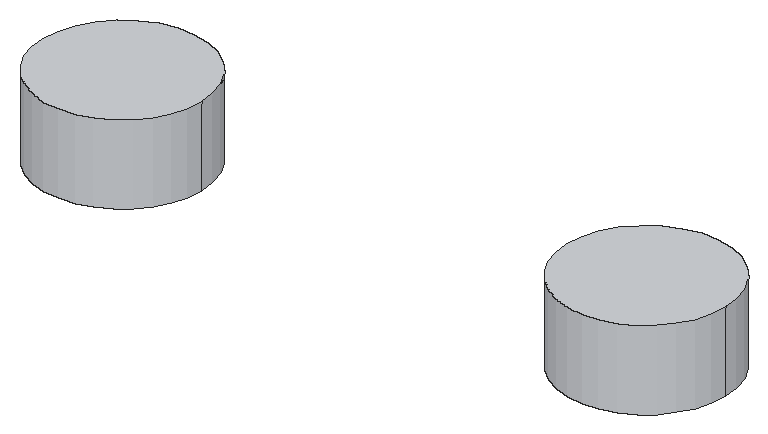
Revit family "EWT_001_BIM", category Allgemeines Modell, Revit 2018
Family settings
  Kann Basisbauteil für Bewehrung sein = Nein
  Bemaßung runder Anschluss = Durchmesser verwenden
  Teiletyp = Normal
  Arbeitsebenenbasiert = Nein
  Immer vertikal = Ja
  Beim Laden mit Abzugskörper schneiden = Nein
  Gemeinsam genutzt = Nein
  Raumberechnungspunkt = Nein
Parameters (values of type "Norm")
  Verbindung_2_Durchmesser = 0 mm
  Verbindung_1_Durchmesser = 0 mm
  URL = "https://www.clage.de/de/Produkte/Zubehoer/Drucklose_Armaturen_fuer_Handwaschbecken"
  Modell = "EWT"
  Hersteller = "Clage GmbH"
  Beschreibung = "Drucklose Armatur"
Reference planes
  plane 1 "Mitte (Vorne/Hinten)": y = 0
  plane 2: z = 0
  plane 3 "Mitte (Links/Rechts)": x = 0
Forms (mm)
  Extrusion 1, solid
    sketch origin (-10, 0, -10) x (0, 1, 0) y (1, 0, 0)
      loop
        circle (0, 0) r 3.048
    from 0 to -3.048
  Extrusion 2, solid
    sketch origin (10, 0, -10) x (0, 1, 0) y (1, 0, 0)
      loop
        circle (0, 0) r 3.048
    from 0 to -3.048
Dimensions and locks
  aligned and locked: level to plane 2
Connectors
  piping at (-10, 0, -10), driven by "Verbindung_1_Durchmesser"
    settings: on Extrusion 1, index 1, connector diameter 0 mm, connector inside diameter 609.6 mm, connector length 0 mm, flow factor 0, pipe flow 0.0 L/s, pressure drop 0.0 Pa, fitting loss kfactor 0, connector angle 0.00°, fixture units 0, engagement length 0 mm, angle of deflection 0.00°, flow configuration 1, flow direction 1, fitting loss method 0, system type 19, joint type 0, gender type 0, connector reference index -1, connector utility 0, adjustable connector no, is connector primary yes, connector description ""
  piping at (10, 0, -10), driven by "Verbindung_2_Durchmesser"
    settings: on Extrusion 2, index 2, connector diameter 0 mm, connector inside diameter 609.6 mm, connector length 0 mm, flow factor 0, pipe flow 0.0 L/s, pressure drop 0.0 Pa, fitting loss kfactor 0, connector angle 0.00°, fixture units 0, engagement length 0 mm, angle of deflection 0.00°, flow configuration 1, flow direction 1, fitting loss method 0, system type 20, joint type 0, gender type 0, connector reference index -1, connector utility 0, adjustable connector no, is connector primary no, connector description ""
